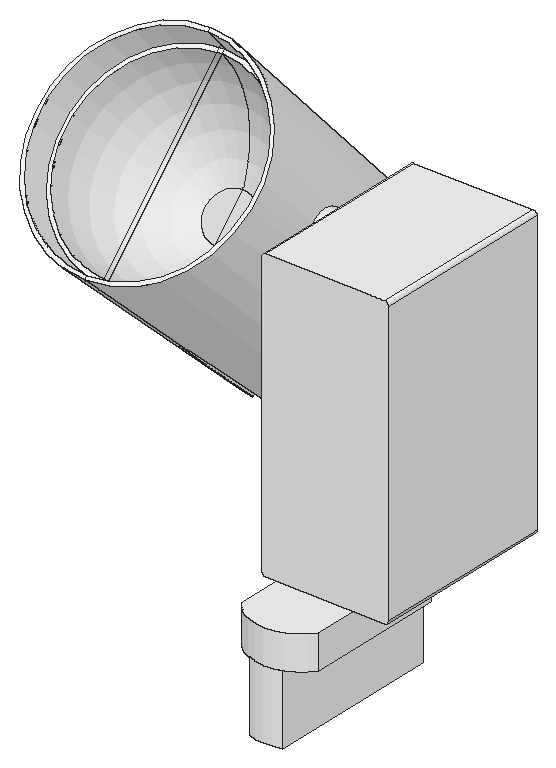
Revit family "0004932 Feilo Sylvania Lighting Fixture START TRACK SPOT S DALI 1352LM 940 WB WHT", category Lighting Fixtures, host Face, Revit 2017
Family settings
  Host = Face
  Round Connector Dimension = Use Diameter
  Part Type = Normal
  OmniClass Number = 23.80.70.00
  OmniClass Title = Lighting
  Cut with Voids When Loaded = No
  Light Source = No
  Shared = No
  Room Calculation Point = No
Parameters (values of type "0004932 START TRACK SPOT S DALI 1352LM 940 WB WHT")
  Weight = "0.94 kg"
  Wattage Comments = ""
  WarrantyStartDate [instance] = "n/a"
  WarrantyGuarantorParts = "n/a"
  WarrantyDurationUnit = "n/a"
  WarrantyDurationParts = "n/a"
  WarrantyDescription = "n/a"
  Voltage = 230 V
  URL = "http://www.sylvania-lighting.com/"
  TypeName = "START TRACK SPOT S DALI 1352LM 940 WB WHT"
  TypeHead_FEILO = Start Track Spot Head : 0004873 START TRACK SPOT S 14W 4K RA90 WB WHITE
  TypeBox_FEILO = Start Track Spot Box : Type Small White
  Type Image = <None>
  Type Comments = "n/a"
  VerticalRotation_FEILO [instance] = 0.00°
  SlideEndAngle_FEILO [instance] = VerticalRotation_FEILO + 180.00°  # 180.00°
  SerialNumber [instance] = "n/a"
  Material_3_FEILO = none
  PowerFactor = 0.92
  PowerConsumption = "14 W"
  NominalLength = 0 mm
  NominalHeight = 200 mm
  NominalDepth = 140 mm
  Name = "START TRACK SPOT S DALI 1352LM 940 WB WHT"
  ModelReference = Name  # "START TRACK SPOT S DALI 1352LM 940 WB WHT"
  ModelNumber = "0004932"
  Model = Name  # "START TRACK SPOT S DALI 1352LM 940 WB WHT"
  Material = "adc12 aluminium housing, polycarbonate diffuser"
  ManufacturerName = "Feilo Sylvania"
  Manufacturer = "Feilo Sylvania"
  LuminousEfficacy = "97 lm/W"
  LuminaireType = ""
  LightOutputRatio = "100"
  LampsType = Lamp  # "LED"
  LampNominalLuminous = "1352 lm"
  LampMacAdamStep = "3"
  LampColourTemperature = "4000 K"
  LampColourRenderingIndex = "90"
  Lamp = "LED"
  Keynote = "16500"
  InstallationDate [instance] = "n/a"
  InputVoltage = "230-240V~"
  InputNominalFrequency = "50/60 Hz"
  IngressProtection = "IP20"
  ImpactProtectionIndex = "IK02"
  IfcExportType = "IfcLightFixtureType"
  IfcExportAs = "IfcLightFixtureType"
  HorizontalRotation_FEILO [instance] = 45.00°
  ExpectedLife = 50000
  ElectricShockClassification = "Class II"
  DurationUnit = "hours"
  DocumentationLiterature = "http://www.sylvania-lighting.com/product/en-int/products/0004873"
  DimmingControlOptions = "Dimmable"
  Material_2_FEILO = none
  Description = "Integrated LED spotlight, Textured White - RAL9016, compact and minimalist design, ideal for retail applications, die-cast aluminium body, passive cooling heatsink. Beam angle: 64°, color temperature: 4000K , total system power: 14W, total fixture output: 1352 lm, LOR: 100%, colour rendering: Ra: 90 typical, LED Chromaticity: 3 step MacAdam ellipse, lifetime: >50000 hours at L70B50, energy class: A++, A+, A, IR/UV free light source without heat radiation, operating voltage: 220-240V / 50-60Hz, drive current: 350mA, electronic driver, non-dimmable, power factor: 0.92, electrical protection: Class II, Global Track 3 Phase adapter suitable for Global trac 3-circuit tracks, ingress protection rating: IP20, suitable for internal environment only, horizontal rotation: 355°, vertical tilt: 90°, dimensions: Ø86x140x200, weight: 0.940kg."
  Default Elevation = 1219.2 mm
  CreatedOn = "04/26/2018"
  CreatedBy = ""
  Cost = 0
  built-in parameter 1114216 [instance] = (empty or 0)
  ClassificationValue = "EF_70_80"
  ClassificationName = "Uniclass2015"
  Material_1_FEILO = Body-Sylvania-StartTrackSpot-White
  BarCode [instance] = "n/a"
  AssetType = "Fixed"
  AssetIdentifier [instance] = "n/a"
  Assembly Code = "D5020200"
  Apparent Load = 14 VA
  Material_4_FEILO = none
Reference planes
  plane 1 "Center (Front/Back)": y = 0
  plane 2: z = 0
  plane 3 "Center (Left/Right)": x = 0
  plane 4: x = 15
  plane 5: x = -15
  plane 6: y = 35
  plane 7: y = -35
  plane 8: z = 13
  plane 9: z = -27
  plane 10: x = 6.5
  plane 11: x = -6.5
  plane 12: y = 27
  plane 13: y = -27
  plane 14: y = 20
Forms (mm)
  Extrusion 1, solid, material "Body-Sylvania-StartTrackSpot-White" <- "Material_1_FEILO"
    sketch origin (0, 0, 0) x (1, 0, 0) y (0, 1, 0)
      loop
        line (-15, 27) -> (-15, -27)
        arc (-15, -27) -> (0, -35) -> (15, -27) r 18.062
        line (15, -27) -> (15, 27)
        arc (15, 27) -> (0, 35) -> (-15, 27) r 18.062
    from 0 to 13
  Extrusion 2, solid, material "Body-Sylvania-StartTrackSpot-White" <- "Material_1_FEILO"
    sketch origin (0, 0, 0) x (1, 0, 0) y (0, 1, 0)
      loop
        arc (6.5, 33.79) -> (0, 35) -> (-6.5, 33.79) r 18.062
        line (-6.5, 33.79) -> (-6.5, -33.79)
        arc (-6.5, -33.79) -> (0, -35) -> (6.5, -33.79) r 18.062
        line (6.5, -33.79) -> (6.5, 33.79)
    from 0 to -27
  Revolve 3, solid, not visible
    sketch origin (1524, 20, 1219.2) x (1, 0, 0) y (0, 0, 1)
      loop
        line (-1524, -1206.2) -> (-1524, -1191.285) -> (-1530.5, -1191.285) -> (-1530.5, -1206.2) -> (-1524, -1206.2)
      axis (-1524, -1191.285) -> (-1524, -1206.2)
    angle from 0 <- "VerticalRotation_FEILO" to 180 <- "SlideEndAngle_FEILO"
Cuts and joins
  joined: Extrusion 1, Extrusion 2
Dimensions and locks
  equal spacing: plane 10, plane 3 "Center (Left/Right)", plane 11
  equal spacing: plane 4, plane 3 "Center (Left/Right)", plane 5
  locked: plane 8 to plane 2 at 13
  locked: plane 8 to plane 9 at 40
  equal spacing: plane 13, plane 1 "Center (Front/Back)", plane 12
  locked: plane 12 to plane 6 at 8
  locked: plane 14 to plane 6 at 15
  locked: Revolve 3 sketch curve to plane 8 at 14.915
  aligned and locked: plane 2 to host face
  aligned and locked: level to host face
  aligned and locked: plane 5 to Extrusion 1 sketch curve  (x2)
  aligned and locked: plane 12 to Extrusion 1 sketch curve
  aligned and locked: plane 13 to Extrusion 1 sketch curve
  aligned and locked: plane 4 to Extrusion 1 sketch curve
  aligned and locked: Extrusion 1 to plane 8
  aligned and locked: Extrusion 1 to level
  aligned and locked: Extrusion 2 sketch curve to Extrusion 1  (x2)
  aligned and locked: Extrusion 2 sketch curve to plane 11
  aligned and locked: plane 10 to Extrusion 2 sketch curve
  aligned and locked: plane 9 to Extrusion 2
  aligned and locked: level to Extrusion 2
  aligned and locked: Revolve 3 sketch curve to plane 3 "Center (Left/Right)"  (x2)
  aligned and locked: plane 11 to Revolve 3 sketch curve
  aligned and locked: Revolve 3 sketch curve to plane 8
Automatic sketch dimensions
  host sketch curve to host sketch curve = 2438.4 mm  (x2)
  Extrusion 1 sketch curve to plane 3 "Center (Left/Right)" = 0 mm  (x2)
  Extrusion 1 sketch curve to plane 13 = 10.062 mm
  plane 12 to Extrusion 1 sketch curve = 10.062 mm
  Revolve 3 sketch curve to plane 3 "Center (Left/Right)" = 0 mm
  plane 9 to Revolve 3 sketch curve = 582.6 mm
  Revolve 3 sketch curve to Revolve 3 sketch curve = 2581.144 mm
Nested families
  nested 1: "Start Track Spot Head" at (-62, 20, 112.529) x (0, 0.7071, 0.7071) z (0, 0.7071, -0.7071), type <- "TypeHead_FEILO", type "0004873 START TRACK SPOT S 14W 4K RA90 WB WHITE"
    with built-in parameter 1114216 (empty or 0)
  nested 2: "Start Track Spot Box" at (8.5, 20, 73) x (-1, 0, 0) z (0, -1, 0), BoxStartAngle_FEILO <- "HorizontalRotation_FEILO", type <- "TypeBox_FEILO", type "Type Small White"
    with BoxStartAngle_FEILO 45.00°, BoxEndAngle_FEILO -135.00°
Connectors
  electrical at (0, 0, 0), driven by "Apparent Load", driven by "PowerFactor", driven by "Voltage"
    settings: index 1, voltage 230 V, apparent load 14 VA, apparent load phase1 0 VA, apparent load phase2 0 VA, apparent load phase3 0 VA, power factor 0.92, load classification "Lighting", number of poles 1, system type 30, power factor state 1, is connector primary yes, connector utility no, sub classification motor no, connector description ""
Definition of nested family "Start Track Spot Head"
  Parameters (values of type "0004811 START TRACK SPOT S 14W 3K RA80 NB WHITE")
    Wattage Comments = "n/a"
    Wattage = 14 W
    built-in parameter 1150110 = 1 (stored number, unit not read)
    URL = "http://www.feilosylvania.com"
    Type Image = (empty or 0)
    Type Comments = "n/a"
    built-in parameter 1114217 = 1 (stored number, unit not read)
    Tilt Angle = -90.00°
    built-in parameter 1150109 = 1 (stored number, unit not read)
    built-in parameter 1150134 = (empty or 0)
    built-in parameter 1150113 = 1 (stored number, unit not read)
    Photometric Web File = "0004811.ies"
    Material_3_FEILO = none
    Model = "START TRACK SPOT S 14W 3K RA80 NB WHITE"
    Manufacturer = "Feilo Sylvania"
    built-in parameter 1150105 = 123.66 (stored number, unit not read)
    Lumens = 1554 lm
    built-in parameter 1150115 = 1 (stored number, unit not read)
    built-in parameter 1150137 = (empty or 0)
    built-in parameter 1150139 = (empty or 0)
    built-in parameter 1150112 = 1 (stored number, unit not read)
    built-in parameter 1150114 = 1 (stored number, unit not read)
    Lamp = "LED"
    Keynote = "16500"
    Material_2_FEILO = none
    built-in parameter 1150132 = (empty or 0)
    built-in parameter 1150102 = (empty or 0)
    built-in parameter 1150107 = 3000 (stored number, unit not read)
    built-in parameter 1150138 = (empty or 0)
    built-in parameter 1150106 = 1.2366 (stored number, unit not read)
    HeadThickness_FEILO = if(HeadDiaOut_FEILO > 112 mm, 2 mm, 1.5 mm)  # 1.5 mm
    HeadRibOffset_FEILO = HeadHeight_FEILO / 28  # 4.179 mm
    HeadRibDepth_FEILO = HeadHeight_FEILO / 2.1  # 55.714 mm
    HeadRibCutWidth_FEILO = HeadDiaOut_FEILO / 12  # 7.167 mm
    HeadRibCutOffset_FEILO = HeadHeight_FEILO / 2.3  # 50.87 mm
    HeadReflectorRadius_FEILO = HeadDiaOut_FEILO / 1.7  # 50.588 mm
    HeadReflectorOffset_FEILO = HeadHeight_FEILO / 2.1  # 55.714 mm
    HeadLEDRadius_FEILO = HeadDiaOut_FEILO / 9  # 9.556 mm
    HeadHeight_FEILO = 117 mm
    HeadDraft_FEILO = 1 mm
    HeadDiffusorThickness_FEILO = 3 mm
    HeadDiffusorOffset_FEILO = HeadHeight_FEILO / 12.4  # 9.435 mm
    HeadDiaOut_FEILO = 86 mm
    HeadDiaIn_FEILO = HeadDiaOut_FEILO / 1.11  # 77.477 mm
    HeadAxisFromTop_FEILO = HeadHeight_FEILO / 1.687  # 69.354 mm
    Emit from Circle Diameter = HeadDiaIn_FEILO  # 77.477 mm
    Emit Shape Visible in Rendering = no
    built-in parameter 1150104 = 10.312 (stored number, unit not read)
    Dimming Lamp Color Temperature Shift = (empty or 0)
    Description = "Integrated LED spotlight, Textured White - RAL9016, compact and minimalist design, ideal for retail applications, die-cast aluminium body, passive cooling heatsink. Beam angle: 12°, color temperature: 3000K , total system power: 14W, total fixture output: 1551 lm, LOR: 100%, colour rendering: Ra: 80 typical, LED Chromaticity: 3 step MacAdam ellipse, lifetime: >50000 hours at L70B50, energy class: A++, A+, A, IR/UV free light source without heat radiation, operating voltage: 220-240V / 50-60Hz, drive current: 350mA, electronic driver, non-dimmable, power factor: 0.92, electrical protection: Class II, Global Track 3 Phase adapter suitable for Global trac 3-circuit tracks, ingress protection rating: IP20, suitable for internal environment only, horizontal rotation: 355°, vertical tilt: 90°, dimensions: Ø86x140x200, weight: 0.940kg."
    Default Elevation = 1219.2 mm
    Cost = 0
    Color Filter = 16777215
    built-in parameter 1114216 [instance] = (empty or 0)
    Material_1_FEILO = none
    built-in parameter 1114218 = 1 (stored number, unit not read)
    built-in parameter 1150133 = 10 (stored number, unit not read)
    Assembly Code = "D5020200"
    Apparent Load = 14 VA
    Material_4_FEILO = none
  Types (96, lengths in mm): name | Wattage | built-in parameter 1150134 | Photometric Web File | Model | built-in parameter 1150105 | Lumens | built-in parameter 1150107 | built-in parameter 1150106 | HeadThickness_FEILO | HeadRibOffset_FEILO | HeadRibDepth_FEILO | HeadRibCutWidth_FEILO | HeadRibCutOffset_FEILO | HeadReflectorRadius_FEILO | HeadReflectorOffset_FEILO | HeadLEDRadius_FEILO | HeadHeight_FEILO | HeadDiffusorOffset_FEILO | HeadDiaOut_FEILO | HeadDiaIn_FEILO | HeadAxisFromTop_FEILO | Emit from Circle Diameter | built-in parameter 1150104 | Description | Apparent Load
    0004906 START TRACK SPOT L 55W 4K RA90 WB BLACK | 55 W | 12 | "0004906.ies" | "START TRACK SPOT L 55W 4K RA90 WB BLACK" | 385.15 (stored number, unit not read) | 4840 lm | 4000 (stored number, unit not read) | 3.8515 (stored number, unit not read) | 2 | 4.429 | 59.048 | 9.417 | 53.913 | 66.471 | 59.048 | 12.556 | 124 | 10 | 113 | 101.802 | 73.503 | 101.802 | 8.1755 (stored number, unit not read) | "Integrated LED spotlight, Textured Black - RAL9005, compact and minimalist design, ideal for retail applications, die-cast aluminium body, passive cooling heatsink. Beam angle: 52°, color temperature: 4000K , total system power: 55W, total fixture output: 4824 lm, LOR: 100%, colour rendering: Ra: 90 typical, LED Chromaticity: 3 step MacAdam ellipse, lifetime: >50000 hours at L70B50, energy class: A++, A+, A, IR/UV free light source without heat radiation, operating voltage: 220-240V / 50-60Hz, drive current: 1400mA, electronic driver, non-dimmable, power factor: 0.96, electrical protection: Class II, Global Track 3 Phase adapter suitable for Global trac 3-circuit tracks, ingress protection rating: IP20, suitable for internal environment only, horizontal rotation: 355°, vertical tilt: 90°, dimensions: Ø113x164x240, weight: 1.398kg." | 55 VA
    0004905 START TRACK SPOT L 55W 4K RA90 MB BLACK | 55 W | 12 | "0004905.ies" | "START TRACK SPOT L 55W 4K RA90 MB BLACK" | 389.53 (stored number, unit not read) | 4895 lm | 4000 (stored number, unit not read) | 3.8953 (stored number, unit not read) | 2 | 4.429 | 59.048 | 9.417 | 53.913 | 66.471 | 59.048 | 12.556 | 124 | 10 | 113 | 101.802 | 73.503 | 101.802 | 8.2684 (stored number, unit not read) | "Integrated LED spotlight, Textured Black - RAL9005, compact and minimalist design, ideal for retail applications, die-cast aluminium body, passive cooling heatsink. Beam angle: 38°, color temperature: 4000K , total system power: 55W, total fixture output: 4897 lm, LOR: 100%, colour rendering: Ra: 90 typical, LED Chromaticity: 3 step MacAdam ellipse, lifetime: >50000 hours at L70B50, energy class: A++, A+, A, IR/UV free light source without heat radiation, operating voltage: 220-240V / 50-60Hz, drive current: 1400mA, electronic driver, non-dimmable, power factor: 0.96, electrical protection: Class II, Global Track 3 Phase adapter suitable for Global trac 3-circuit tracks, ingress protection rating: IP20, suitable for internal environment only, horizontal rotation: 355°, vertical tilt: 90°, dimensions: Ø113x164x240, weight: 1.398kg." | 55 VA
    0004904 START TRACK SPOT L 55W 4K RA90 NB BLACK | 55 W | 12 | "0004904.ies" | "START TRACK SPOT L 55W 4K RA90 NB BLACK" | 393.91 (stored number, unit not read) | 4950 lm | 4000 (stored number, unit not read) | 3.9391 (stored number, unit not read) | 2 | 4.429 | 59.048 | 9.417 | 53.913 | 66.471 | 59.048 | 12.556 | 124 | 10 | 113 | 101.802 | 73.503 | 101.802 | 8.3613 (stored number, unit not read) | "Integrated LED spotlight, Textured Black - RAL9005, compact and minimalist design, ideal for retail applications, die-cast aluminium body, passive cooling heatsink. Beam angle: 15°, color temperature: 4000K , total system power: 55W, total fixture output: 4965 lm, LOR: 100%, colour rendering: Ra: 90 typical, LED Chromaticity: 3 step MacAdam ellipse, lifetime: >50000 hours at L70B50, energy class: A++, A+, A, IR/UV free light source without heat radiation, operating voltage: 220-240V / 50-60Hz, drive current: 1400mA, electronic driver, non-dimmable, power factor: 0.96, electrical protection: Class II, Global Track 3 Phase adapter suitable for Global trac 3-circuit tracks, ingress protection rating: IP20, suitable for internal environment only, horizontal rotation: 355°, vertical tilt: 90°, dimensions: Ø113x164x240, weight: 1.398kg." | 55 VA
    0004903 START TRACK SPOT L 35W 4K RA90 WB BLACK | 35 W | 12 | "0004903.ies" | "START TRACK SPOT L 35W 4K RA90 WB BLACK" | 284.09 (stored number, unit not read) | 3570 lm | 4000 (stored number, unit not read) | 2.8409 (stored number, unit not read) | 2 | 4.429 | 59.048 | 9.417 | 53.913 | 66.471 | 59.048 | 12.556 | 124 | 10 | 113 | 101.802 | 73.503 | 101.802 | 9.4761 (stored number, unit not read) | "Integrated LED spotlight, Textured Black - RAL9005, compact and minimalist design, ideal for retail applications, die-cast aluminium body, passive cooling heatsink. Beam angle: 52°, color temperature: 4000K , total system power: 35W, total fixture output: 3562 lm, LOR: 100%, colour rendering: Ra: 90 typical, LED Chromaticity: 3 step MacAdam ellipse, lifetime: >50000 hours at L70B50, energy class: A++, A+, A, IR/UV free light source without heat radiation, operating voltage: 220-240V / 50-60Hz, drive current: 900mA, electronic driver, non-dimmable, power factor: 0.93, electrical protection: Class II, Global Track 3 Phase adapter suitable for Global trac 3-circuit tracks, ingress protection rating: IP20, suitable for internal environment only, horizontal rotation: 355°, vertical tilt: 90°, dimensions: Ø113x164x240, weight: 1.368kg." | 35 VA
    0004902 START TRACK SPOT L 35W 4K RA90 MB BLACK | 35 W | 12 | "0004902.ies" | "START TRACK SPOT L 35W 4K RA90 MB BLACK" | 286.88 (stored number, unit not read) | 3605 lm | 4000 (stored number, unit not read) | 2.8688 (stored number, unit not read) | 2 | 4.429 | 59.048 | 9.417 | 53.913 | 66.471 | 59.048 | 12.556 | 124 | 10 | 113 | 101.802 | 73.503 | 101.802 | 9.569 (stored number, unit not read) | "Integrated LED spotlight, Textured Black - RAL9005, compact and minimalist design, ideal for retail applications, die-cast aluminium body, passive cooling heatsink. Beam angle: 38°, color temperature: 4000K , total system power: 35W, total fixture output: 3616 lm, LOR: 100%, colour rendering: Ra: 90 typical, LED Chromaticity: 3 step MacAdam ellipse, lifetime: >50000 hours at L70B50, energy class: A++, A+, A, IR/UV free light source without heat radiation, operating voltage: 220-240V / 50-60Hz, drive current: 900mA, electronic driver, non-dimmable, power factor: 0.93, electrical protection: Class II, Global Track 3 Phase adapter suitable for Global trac 3-circuit tracks, ingress protection rating: IP20, suitable for internal environment only, horizontal rotation: 355°, vertical tilt: 90°, dimensions: Ø113x164x240, weight: 1.368kg." | 35 VA
    0004901 START TRACK SPOT L 35W 4K RA90 NB BLACK | 35 W | 12 | "0004901.ies" | "START TRACK SPOT L 35W 4K RA90 NB BLACK" | 286.88 (stored number, unit not read) | 3605 lm | 4000 (stored number, unit not read) | 2.8688 (stored number, unit not read) | 2 | 4.429 | 59.048 | 9.417 | 53.913 | 66.471 | 59.048 | 12.556 | 124 | 10 | 113 | 101.802 | 73.503 | 101.802 | 9.569 (stored number, unit not read) | "Integrated LED spotlight, Textured Black - RAL9005, compact and minimalist design, ideal for retail applications, die-cast aluminium body, passive cooling heatsink. Beam angle: 15°, color temperature: 4000K , total system power: 35W, total fixture output: 3593 lm, LOR: 100%, colour rendering: Ra: 90 typical, LED Chromaticity: 3 step MacAdam ellipse, lifetime: >50000 hours at L70B50, energy class: A++, A+, A, IR/UV free light source without heat radiation, operating voltage: 220-240V / 50-60Hz, drive current: 900mA, electronic driver, non-dimmable, power factor: 0.93, electrical protection: Class II, Global Track 3 Phase adapter suitable for Global trac 3-circuit tracks, ingress protection rating: IP20, suitable for internal environment only, horizontal rotation: 355°, vertical tilt: 90°, dimensions: Ø113x164x240, weight: 1.368kg." | 35 VA
    0004900 START TRACK SPOT S 24W 4K RA90 WB BLACK | 24 W | 12 | "0004900.ies" | "START TRACK SPOT S 24W 4K RA90 WB BLACK" | 166.16 (stored number, unit not read) | 2088 lm | 4000 (stored number, unit not read) | 1.6616 (stored number, unit not read) | 1.5 | 4.179 | 55.714 | 7.167 | 50.87 | 50.588 | 55.714 | 9.556 | 117 | 9.435 | 86 | 77.477 | 69.354 | 77.477 | 8.0826 (stored number, unit not read) | "Integrated LED spotlight, Textured Black - RAL9005, compact and minimalist design, ideal for retail applications, die-cast aluminium body, passive cooling heatsink. Beam angle: 64°, color temperature: 4000K , total system power: 24W, total fixture output: 2087 lm, LOR: 100%, colour rendering: Ra: 90 typical, LED Chromaticity: 3 step MacAdam ellipse, lifetime: >50000 hours at L70B50, energy class: A++, A+, A, IR/UV free light source without heat radiation, operating voltage: 220-240V / 50-60Hz, drive current: 600mA, electronic driver, non-dimmable, power factor: 0.95, electrical protection: Class II, Global Track 3 Phase adapter suitable for Global trac 3-circuit tracks, ingress protection rating: IP20, suitable for internal environment only, horizontal rotation: 355°, vertical tilt: 90°, dimensions: Ø86x140x200, weight: 0.966kg." | 24 VA
    0004899 START TRACK SPOT S 24W 4K RA90 MB BLACK | 24 W | 12 | "0004899.ies" | "START TRACK SPOT S 24W 4K RA90 MB BLACK" | 169.98 (stored number, unit not read) | 2136 lm | 4000 (stored number, unit not read) | 1.6998 (stored number, unit not read) | 1.5 | 4.179 | 55.714 | 7.167 | 50.87 | 50.588 | 55.714 | 9.556 | 117 | 9.435 | 86 | 77.477 | 69.354 | 77.477 | 8.2684 (stored number, unit not read) | "Integrated LED spotlight, Textured Black - RAL9005, compact and minimalist design, ideal for retail applications, die-cast aluminium body, passive cooling heatsink. Beam angle: 36°, color temperature: 4000K , total system power: 24W, total fixture output: 2141 lm, LOR: 100%, colour rendering: Ra: 90 typical, LED Chromaticity: 3 step MacAdam ellipse, lifetime: >50000 hours at L70B50, energy class: A++, A+, A, IR/UV free light source without heat radiation, operating voltage: 220-240V / 50-60Hz, drive current: 600mA, electronic driver, non-dimmable, power factor: 0.95, electrical protection: Class II, Global Track 3 Phase adapter suitable for Global trac 3-circuit tracks, ingress protection rating: IP20, suitable for internal environment only, horizontal rotation: 355°, vertical tilt: 90°, dimensions: Ø86x140x200, weight: 0.966kg." | 24 VA
    0004898 START TRACK SPOT S 24W 4K RA90 NB BLACK | 24 W | 12 | "0004898.ies" | "START TRACK SPOT S 24W 4K RA90 NB BLACK" | 171.89 (stored number, unit not read) | 2160 lm | 4000 (stored number, unit not read) | 1.7189 (stored number, unit not read) | 1.5 | 4.179 | 55.714 | 7.167 | 50.87 | 50.588 | 55.714 | 9.556 | 117 | 9.435 | 86 | 77.477 | 69.354 | 77.477 | 8.3613 (stored number, unit not read) | "Integrated LED spotlight, Textured Black - RAL9005, compact and minimalist design, ideal for retail applications, die-cast aluminium body, passive cooling heatsink. Beam angle: 12°, color temperature: 4000K , total system power: 24W, total fixture output: 2155 lm, LOR: 100%, colour rendering: Ra: 90 typical, LED Chromaticity: 3 step MacAdam ellipse, lifetime: >50000 hours at L70B50, energy class: A++, A+, A, IR/UV free light source without heat radiation, operating voltage: 220-240V / 50-60Hz, drive current: 600mA, electronic driver, non-dimmable, power factor: 0.95, electrical protection: Class II, Global Track 3 Phase adapter suitable for Global trac 3-circuit tracks, ingress protection rating: IP20, suitable for internal environment only, horizontal rotation: 355°, vertical tilt: 90°, dimensions: Ø86x140x200, weight: 0.966kg." | 24 VA
    0004897 START TRACK SPOT S 14W 4K RA90 WB BLACK | 14 W | 12 | "0004897.ies" | "START TRACK SPOT S 14W 4K RA90 WB BLACK" | 108.07 (stored number, unit not read) | 1358 lm | 4000 (stored number, unit not read) | 1.0807 (stored number, unit not read) | 1.5 | 4.179 | 55.714 | 7.167 | 50.87 | 50.588 | 55.714 | 9.556 | 117 | 9.435 | 86 | 77.477 | 69.354 | 77.477 | 9.0116 (stored number, unit not read) | "Integrated LED spotlight, Textured Black - RAL9005, compact and minimalist design, ideal for retail applications, die-cast aluminium body, passive cooling heatsink. Beam angle: 64°, color temperature: 4000K , total system power: 14W, total fixture output: 1352 lm, LOR: 100%, colour rendering: Ra: 90 typical, LED Chromaticity: 3 step MacAdam ellipse, lifetime: >50000 hours at L70B50, energy class: A++, A+, A, IR/UV free light source without heat radiation, operating voltage: 220-240V / 50-60Hz, drive current: 350mA, electronic driver, non-dimmable, power factor: 0.92, electrical protection: Class II, Global Track 3 Phase adapter suitable for Global trac 3-circuit tracks, ingress protection rating: IP20, suitable for internal environment only, horizontal rotation: 355°, vertical tilt: 90°, dimensions: Ø86x140x200, weight: 0.940kg." | 14 VA
    0004896 START TRACK SPOT S 14W 4K RA90 MB BLACK | 14 W | 12 | "0004896.ies" | "START TRACK SPOT S 14W 4K RA90 MB BLACK" | 108.07 (stored number, unit not read) | 1358 lm | 4000 (stored number, unit not read) | 1.0807 (stored number, unit not read) | 1.5 | 4.179 | 55.714 | 7.167 | 50.87 | 50.588 | 55.714 | 9.556 | 117 | 9.435 | 86 | 77.477 | 69.354 | 77.477 | 9.0116 (stored number, unit not read) | "Integrated LED spotlight, Textured Black - RAL9005, compact and minimalist design, ideal for retail applications, die-cast aluminium body, passive cooling heatsink. Beam angle: 36°, color temperature: 4000K , total system power: 14W, total fixture output: 1359 lm, LOR: 100%, colour rendering: Ra: 90 typical, LED Chromaticity: 3 step MacAdam ellipse, lifetime: >50000 hours at L70B50, energy class: A++, A+, A, IR/UV free light source without heat radiation, operating voltage: 220-240V / 50-60Hz, drive current: 350mA, electronic driver, non-dimmable, power factor: 0.92, electrical protection: Class II, Global Track 3 Phase adapter suitable for Global trac 3-circuit tracks, ingress protection rating: IP20, suitable for internal environment only, horizontal rotation: 355°, vertical tilt: 90°, dimensions: Ø86x140x200, weight: 0.940kg." | 14 VA
    0004895 START TRACK SPOT S 14W 4K RA90 NB BLACK | 14 W | 12 | "0004895.ies" | "START TRACK SPOT S 14W 4K RA90 NB BLACK" | 106.95 (stored number, unit not read) | 1344 lm | 4000 (stored number, unit not read) | 1.0695 (stored number, unit not read) | 1.5 | 4.179 | 55.714 | 7.167 | 50.87 | 50.588 | 55.714 | 9.556 | 117 | 9.435 | 86 | 77.477 | 69.354 | 77.477 | 8.9187 (stored number, unit not read) | "Integrated LED spotlight, Textured Black - RAL9005, compact and minimalist design, ideal for retail applications, die-cast aluminium body, passive cooling heatsink. Beam angle: 12°, color temperature: 4000K , total system power: 14W, total fixture output: 1349 lm, LOR: 100%, colour rendering: Ra: 90 typical, LED Chromaticity: 3 step MacAdam ellipse, lifetime: >50000 hours at L70B50, energy class: A++, A+, A, IR/UV free light source without heat radiation, operating voltage: 220-240V / 50-60Hz, drive current: 350mA, electronic driver, non-dimmable, power factor: 0.92, electrical protection: Class II, Global Track 3 Phase adapter suitable for Global trac 3-circuit tracks, ingress protection rating: IP20, suitable for internal environment only, horizontal rotation: 355°, vertical tilt: 90°, dimensions: Ø86x140x200, weight: 0.940kg." | 14 VA
    0004894 START TRACK SPOT L 55W 3K RA90 WB BLACK | 55 W | (empty or 0) | "0004894.ies" | "START TRACK SPOT L 55W 3K RA90 WB BLACK" | 350.14 (stored number, unit not read) | 4400 lm | 3000 (stored number, unit not read) | 3.5014 (stored number, unit not read) | 2 | 4.429 | 59.048 | 9.417 | 53.913 | 66.471 | 59.048 | 12.556 | 124 | 10 | 113 | 101.802 | 73.503 | 101.802 | 7.4322 (stored number, unit not read) | "Integrated LED spotlight, Textured Black - RAL9005, compact and minimalist design, ideal for retail applications, die-cast aluminium body, passive cooling heatsink. Beam angle: 52°, color temperature: 3000K , total system power: 55W, total fixture output: 4405 lm, LOR: 100%, colour rendering: Ra: 90 typical, LED Chromaticity: 3 step MacAdam ellipse, lifetime: >50000 hours at L70B50, energy class: A++, A+, A, IR/UV free light source without heat radiation, operating voltage: 220-240V / 50-60Hz, drive current: 1400mA, electronic driver, non-dimmable, power factor: 0.96, electrical protection: Class II, Global Track 3 Phase adapter suitable for Global trac 3-circuit tracks, ingress protection rating: IP20, suitable for internal environment only, horizontal rotation: 355°, vertical tilt: 90°, dimensions: Ø113x164x240, weight: 1.398kg." | 55 VA
    0004893 START TRACK SPOT L 55W 3K RA90 MB BLACK | 55 W | (empty or 0) | "0004893.ies" | "START TRACK SPOT L 55W 3K RA90 MB BLACK" | 354.52 (stored number, unit not read) | 4455 lm | 3000 (stored number, unit not read) | 3.5452 (stored number, unit not read) | 2 | 4.429 | 59.048 | 9.417 | 53.913 | 66.471 | 59.048 | 12.556 | 124 | 10 | 113 | 101.802 | 73.503 | 101.802 | 7.5251 (stored number, unit not read) | "Integrated LED spotlight, Textured Black - RAL9005, compact and minimalist design, ideal for retail applications, die-cast aluminium body, passive cooling heatsink. Beam angle: 38°, color temperature: 3000K , total system power: 55W, total fixture output: 4448 lm, LOR: 100%, colour rendering: Ra: 90 typical, LED Chromaticity: 3 step MacAdam ellipse, lifetime: >50000 hours at L70B50, energy class: A++, A+, A, IR/UV free light source without heat radiation, operating voltage: 220-240V / 50-60Hz, drive current: 1400mA, electronic driver, non-dimmable, power factor: 0.96, electrical protection: Class II, Global Track 3 Phase adapter suitable for Global trac 3-circuit tracks, ingress protection rating: IP20, suitable for internal environment only, horizontal rotation: 355°, vertical tilt: 90°, dimensions: Ø113x164x240, weight: 1.398kg." | 55 VA
    0004892 START TRACK SPOT L 55W 3K RA90 NB BLACK | 55 W | (empty or 0) | "0004892.ies" | "START TRACK SPOT L 55W 3K RA90 NB BLACK" | 350.14 (stored number, unit not read) | 4400 lm | 3000 (stored number, unit not read) | 3.5014 (stored number, unit not read) | 2 | 4.429 | 59.048 | 9.417 | 53.913 | 66.471 | 59.048 | 12.556 | 124 | 10 | 113 | 101.802 | 73.503 | 101.802 | 7.4322 (stored number, unit not read) | "Integrated LED spotlight, Textured Black - RAL9005, compact and minimalist design, ideal for retail applications, die-cast aluminium body, passive cooling heatsink. Beam angle: 15°, color temperature: 3000K , total system power: 55W, total fixture output: 4416 lm, LOR: 100%, colour rendering: Ra: 90 typical, LED Chromaticity: 3 step MacAdam ellipse, lifetime: >50000 hours at L70B50, energy class: A++, A+, A, IR/UV free light source without heat radiation, operating voltage: 220-240V / 50-60Hz, drive current: 1400mA, electronic driver, non-dimmable, power factor: 0.96, electrical protection: Class II, Global Track 3 Phase adapter suitable for Global trac 3-circuit tracks, ingress protection rating: IP20, suitable for internal environment only, horizontal rotation: 355°, vertical tilt: 90°, dimensions: Ø113x164x240, weight: 1.398kg." | 55 VA
    0004891 START TRACK SPOT L 35W 3K RA90 WB BLACK | 35 W | (empty or 0) | "0004891.ies" | "START TRACK SPOT L 35W 3K RA90 WB BLACK" | 259.02 (stored number, unit not read) | 3255 lm | 3000 (stored number, unit not read) | 2.5902 (stored number, unit not read) | 2 | 4.429 | 59.048 | 9.417 | 53.913 | 66.471 | 59.048 | 12.556 | 124 | 10 | 113 | 101.802 | 73.503 | 101.802 | 8.64 (stored number, unit not read) | "Integrated LED spotlight, Textured Black - RAL9005, compact and minimalist design, ideal for retail applications, die-cast aluminium body, passive cooling heatsink. Beam angle: 52°, color temperature: 3000K , total system power: 35W, total fixture output: 3260 lm, LOR: 100%, colour rendering: Ra: 90 typical, LED Chromaticity: 3 step MacAdam ellipse, lifetime: >50000 hours at L70B50, energy class: A++, A+, A, IR/UV free light source without heat radiation, operating voltage: 220-240V / 50-60Hz, drive current: 900mA, electronic driver, non-dimmable, power factor: 0.93, electrical protection: Class II, Global Track 3 Phase adapter suitable for Global trac 3-circuit tracks, ingress protection rating: IP20, suitable for internal environment only, horizontal rotation: 355°, vertical tilt: 90°, dimensions: Ø113x164x240, weight: 1.368kg." | 35 VA
    0004890 START TRACK SPOT L 35W 3K RA90 MB BLACK | 35 W | (empty or 0) | "0004890.ies" | "START TRACK SPOT L 35W 3K RA90 MB BLACK" | 261.81 (stored number, unit not read) | 3290 lm | 3000 (stored number, unit not read) | 2.6181 (stored number, unit not read) | 2 | 4.429 | 59.048 | 9.417 | 53.913 | 66.471 | 59.048 | 12.556 | 124 | 10 | 113 | 101.802 | 73.503 | 101.802 | 8.7329 (stored number, unit not read) | "Integrated LED spotlight, Textured Black - RAL9005, compact and minimalist design, ideal for retail applications, die-cast aluminium body, passive cooling heatsink. Beam angle: 38°, color temperature: 3000K , total system power: 35W, total fixture output: 3306 lm, LOR: 100%, colour rendering: Ra: 90 typical, LED Chromaticity: 3 step MacAdam ellipse, lifetime: >50000 hours at L70B50, energy class: A++, A+, A, IR/UV free light source without heat radiation, operating voltage: 220-240V / 50-60Hz, drive current: 900mA, electronic driver, non-dimmable, power factor: 0.93, electrical protection: Class II, Global Track 3 Phase adapter suitable for Global trac 3-circuit tracks, ingress protection rating: IP20, suitable for internal environment only, horizontal rotation: 355°, vertical tilt: 90°, dimensions: Ø113x164x240, weight: 1.368kg." | 35 VA
    0004889 START TRACK SPOT L 35W 3K RA90 NB BLACK | 35 W | (empty or 0) | "0004889.ies" | "START TRACK SPOT L 35W 3K RA90 NB BLACK" | 261.81 (stored number, unit not read) | 3290 lm | 3000 (stored number, unit not read) | 2.6181 (stored number, unit not read) | 2 | 4.429 | 59.048 | 9.417 | 53.913 | 66.471 | 59.048 | 12.556 | 124 | 10 | 113 | 101.802 | 73.503 | 101.802 | 8.7329 (stored number, unit not read) | "Integrated LED spotlight, Textured Black - RAL9005, compact and minimalist design, ideal for retail applications, die-cast aluminium body, passive cooling heatsink. Beam angle: 15°, color temperature: 3000K , total system power: 35W, total fixture output: 3287 lm, LOR: 100%, colour rendering: Ra: 90 typical, LED Chromaticity: 3 step MacAdam ellipse, lifetime: >50000 hours at L70B50, energy class: A++, A+, A, IR/UV free light source without heat radiation, operating voltage: 220-240V / 50-60Hz, drive current: 900mA, electronic driver, non-dimmable, power factor: 0.93, electrical protection: Class II, Global Track 3 Phase adapter suitable for Global trac 3-circuit tracks, ingress protection rating: IP20, suitable for internal environment only, horizontal rotation: 355°, vertical tilt: 90°, dimensions: Ø113x164x240, weight: 1.368kg." | 35 VA
    0004888 START TRACK SPOT S 24W 3K RA90 WB BLACK | 24 W | (empty or 0) | "0004888.ies" | "START TRACK SPOT S 24W 3K RA90 WB BLACK" | 152.79 (stored number, unit not read) | 1920 lm | 3000 (stored number, unit not read) | 1.5279 (stored number, unit not read) | 1.5 | 4.179 | 55.714 | 7.167 | 50.87 | 50.588 | 55.714 | 9.556 | 117 | 9.435 | 86 | 77.477 | 69.354 | 77.477 | 7.4322 (stored number, unit not read) | "Integrated LED spotlight, Textured Black - RAL9005, compact and minimalist design, ideal for retail applications, die-cast aluminium body, passive cooling heatsink. Beam angle: 64°, color temperature: 3000K , total system power: 24W, total fixture output: 1928 lm, LOR: 100%, colour rendering: Ra: 90 typical, LED Chromaticity: 3 step MacAdam ellipse, lifetime: >50000 hours at L70B50, energy class: A++, A+, A, IR/UV free light source without heat radiation, operating voltage: 220-240V / 50-60Hz, drive current: 600mA, electronic driver, non-dimmable, power factor: 0.95, electrical protection: Class II, Global Track 3 Phase adapter suitable for Global trac 3-circuit tracks, ingress protection rating: IP20, suitable for internal environment only, horizontal rotation: 355°, vertical tilt: 90°, dimensions: Ø86x140x200, weight: 0.966kg." | 24 VA
    0004887 START TRACK SPOT S 24W 3K RA90 MB BLACK | 24 W | (empty or 0) | "0004887.ies" | "START TRACK SPOT S 24W 3K RA90 MB BLACK" | 154.7 (stored number, unit not read) | 1944 lm | 3000 (stored number, unit not read) | 1.547 (stored number, unit not read) | 1.5 | 4.179 | 55.714 | 7.167 | 50.87 | 50.588 | 55.714 | 9.556 | 117 | 9.435 | 86 | 77.477 | 69.354 | 77.477 | 7.5251 (stored number, unit not read) | "Integrated LED spotlight, Textured Black - RAL9005, compact and minimalist design, ideal for retail applications, die-cast aluminium body, passive cooling heatsink. Beam angle: 36°, color temperature: 3000K , total system power: 24W, total fixture output: 1944 lm, LOR: 100%, colour rendering: Ra: 90 typical, LED Chromaticity: 3 step MacAdam ellipse, lifetime: >50000 hours at L70B50, energy class: A++, A+, A, IR/UV free light source without heat radiation, operating voltage: 220-240V / 50-60Hz, drive current: 600mA, electronic driver, non-dimmable, power factor: 0.95, electrical protection: Class II, Global Track 3 Phase adapter suitable for Global trac 3-circuit tracks, ingress protection rating: IP20, suitable for internal environment only, horizontal rotation: 355°, vertical tilt: 90°, dimensions: Ø86x140x200, weight: 0.966kg." | 24 VA
    0004886 START TRACK SPOT S 24W 3K RA90 NB BLACK | 24 W | (empty or 0) | "0004886.ies" | "START TRACK SPOT S 24W 3K RA90 NB BLACK" | 158.52 (stored number, unit not read) | 1992 lm | 3000 (stored number, unit not read) | 1.5852 (stored number, unit not read) | 1.5 | 4.179 | 55.714 | 7.167 | 50.87 | 50.588 | 55.714 | 9.556 | 117 | 9.435 | 86 | 77.477 | 69.354 | 77.477 | 7.711 (stored number, unit not read) | "Integrated LED spotlight, Textured Black - RAL9005, compact and minimalist design, ideal for retail applications, die-cast aluminium body, passive cooling heatsink. Beam angle: 12°, color temperature: 3000K , total system power: 24W, total fixture output: 1987 lm, LOR: 100%, colour rendering: Ra: 90 typical, LED Chromaticity: 3 step MacAdam ellipse, lifetime: >50000 hours at L70B50, energy class: A++, A+, A, IR/UV free light source without heat radiation, operating voltage: 220-240V / 50-60Hz, drive current: 600mA, electronic driver, non-dimmable, power factor: 0.95, electrical protection: Class II, Global Track 3 Phase adapter suitable for Global trac 3-circuit tracks, ingress protection rating: IP20, suitable for internal environment only, horizontal rotation: 355°, vertical tilt: 90°, dimensions: Ø86x140x200, weight: 0.966kg." | 24 VA
    0004885 START TRACK SPOT S 14W 3K RA90 WB BLACK | 14 W | (empty or 0) | "0004885.ies" | "START TRACK SPOT S 14W 3K RA90 WB BLACK" | 100.27 (stored number, unit not read) | 1260 lm | 3000 (stored number, unit not read) | 1.0027 (stored number, unit not read) | 1.5 | 4.179 | 55.714 | 7.167 | 50.87 | 50.588 | 55.714 | 9.556 | 117 | 9.435 | 86 | 77.477 | 69.354 | 77.477 | 8.3613 (stored number, unit not read) | "Integrated LED spotlight, Textured Black - RAL9005, compact and minimalist design, ideal for retail applications, die-cast aluminium body, passive cooling heatsink. Beam angle: 64°, color temperature: 3000K , total system power: 14W, total fixture output: 1262 lm, LOR: 100%, colour rendering: Ra: 90 typical, LED Chromaticity: 3 step MacAdam ellipse, lifetime: >50000 hours at L70B50, energy class: A++, A+, A, IR/UV free light source without heat radiation, operating voltage: 220-240V / 50-60Hz, drive current: 350mA, electronic driver, non-dimmable, power factor: 0.92, electrical protection: Class II, Global Track 3 Phase adapter suitable for Global trac 3-circuit tracks, ingress protection rating: IP20, suitable for internal environment only, horizontal rotation: 355°, vertical tilt: 90°, dimensions: Ø86x140x200, weight: 0.940kg." | 14 VA
    0004884 START TRACK SPOT S 14W 3K RA90 MB BLACK | 14 W | (empty or 0) | "0004884.ies" | "START TRACK SPOT S 14W 3K RA90 MB BLACK" | 100.27 (stored number, unit not read) | 1260 lm | 3000 (stored number, unit not read) | 1.0027 (stored number, unit not read) | 1.5 | 4.179 | 55.714 | 7.167 | 50.87 | 50.588 | 55.714 | 9.556 | 117 | 9.435 | 86 | 77.477 | 69.354 | 77.477 | 8.3613 (stored number, unit not read) | "Integrated LED spotlight, Textured Black - RAL9005, compact and minimalist design, ideal for retail applications, die-cast aluminium body, passive cooling heatsink. Beam angle: 36°, color temperature: 3000K , total system power: 14W, total fixture output: 1262 lm, LOR: 100%, colour rendering: Ra: 90 typical, LED Chromaticity: 3 step MacAdam ellipse, lifetime: >50000 hours at L70B50, energy class: A++, A+, A, IR/UV free light source without heat radiation, operating voltage: 220-240V / 50-60Hz, drive current: 350mA, electronic driver, non-dimmable, power factor: 0.92, electrical protection: Class II, Global Track 3 Phase adapter suitable for Global trac 3-circuit tracks, ingress protection rating: IP20, suitable for internal environment only, horizontal rotation: 355°, vertical tilt: 90°, dimensions: Ø86x140x200, weight: 0.940kg." | 14 VA
    0004883 START TRACK SPOT S 14W 3K RA90 NB BLACK | 14 W | (empty or 0) | "0004883.ies" | "START TRACK SPOT S 14W 3K RA90 NB BLACK" | 102.5 (stored number, unit not read) | 1288 lm | 3000 (stored number, unit not read) | 1.025 (stored number, unit not read) | 1.5 | 4.179 | 55.714 | 7.167 | 50.87 | 50.588 | 55.714 | 9.556 | 117 | 9.435 | 86 | 77.477 | 69.354 | 77.477 | 8.5471 (stored number, unit not read) | "Integrated LED spotlight, Textured Black - RAL9005, compact and minimalist design, ideal for retail applications, die-cast aluminium body, passive cooling heatsink. Beam angle: 12°, color temperature: 3000K , total system power: 14W, total fixture output: 1284 lm, LOR: 100%, colour rendering: Ra: 90 typical, LED Chromaticity: 3 step MacAdam ellipse, lifetime: >50000 hours at L70B50, energy class: A++, A+, A, IR/UV free light source without heat radiation, operating voltage: 220-240V / 50-60Hz, drive current: 350mA, electronic driver, non-dimmable, power factor: 0.92, electrical protection: Class II, Global Track 3 Phase adapter suitable for Global trac 3-circuit tracks, ingress protection rating: IP20, suitable for internal environment only, horizontal rotation: 355°, vertical tilt: 90°, dimensions: Ø86x140x200, weight: 0.940kg." | 14 VA
    0004882 START TRACK SPOT L 55W 4K RA90 WB WHITE | 55 W | 12 | "0004882.ies" | "START TRACK SPOT L 55W 4K RA90 WB WHITE" | 385.15 (stored number, unit not read) | 4840 lm | 4000 (stored number, unit not read) | 3.8515 (stored number, unit not read) | 2 | 4.429 | 59.048 | 9.417 | 53.913 | 66.471 | 59.048 | 12.556 | 124 | 10 | 113 | 101.802 | 73.503 | 101.802 | 8.1755 (stored number, unit not read) | "Integrated LED spotlight, Textured White - RAL9016, compact and minimalist design, ideal for retail applications, die-cast aluminium body, passive cooling heatsink. Beam angle: 52°, color temperature: 4000K , total system power: 55W, total fixture output: 4824 lm, LOR: 100%, colour rendering: Ra: 90 typical, LED Chromaticity: 3 step MacAdam ellipse, lifetime: >50000 hours at L70B50, energy class: A++, A+, A, IR/UV free light source without heat radiation, operating voltage: 220-240V / 50-60Hz, drive current: 1400mA, electronic driver, non-dimmable, power factor: 0.96, electrical protection: Class II, Global Track 3 Phase adapter suitable for Global trac 3-circuit tracks, ingress protection rating: IP20, suitable for internal environment only, horizontal rotation: 355°, vertical tilt: 90°, dimensions: Ø113x164x240, weight: 1.398kg." | 55 VA
    0004881 START TRACK SPOT L 55W 4K RA90 MB WHITE | 55 W | 12 | "0004881.ies" | "START TRACK SPOT L 55W 4K RA90 MB WHITE" | 389.53 (stored number, unit not read) | 4895 lm | 4000 (stored number, unit not read) | 3.8953 (stored number, unit not read) | 2 | 4.429 | 59.048 | 9.417 | 53.913 | 66.471 | 59.048 | 12.556 | 124 | 10 | 113 | 101.802 | 73.503 | 101.802 | 8.2684 (stored number, unit not read) | "Integrated LED spotlight, Textured White - RAL9016, compact and minimalist design, ideal for retail applications, die-cast aluminium body, passive cooling heatsink. Beam angle: 38°, color temperature: 4000K , total system power: 55W, total fixture output: 4897 lm, LOR: 100%, colour rendering: Ra: 90 typical, LED Chromaticity: 3 step MacAdam ellipse, lifetime: >50000 hours at L70B50, energy class: A++, A+, A, IR/UV free light source without heat radiation, operating voltage: 220-240V / 50-60Hz, drive current: 1400mA, electronic driver, non-dimmable, power factor: 0.96, electrical protection: Class II, Global Track 3 Phase adapter suitable for Global trac 3-circuit tracks, ingress protection rating: IP20, suitable for internal environment only, horizontal rotation: 355°, vertical tilt: 90°, dimensions: Ø113x164x240, weight: 1.398kg." | 55 VA
    0004880 START TRACK SPOT L 55W 4K RA90 NB WHITE | 55 W | 12 | "0004880.ies" | "START TRACK SPOT L 55W 4K RA90 NB WHITE" | 393.91 (stored number, unit not read) | 4950 lm | 4000 (stored number, unit not read) | 3.9391 (stored number, unit not read) | 2 | 4.429 | 59.048 | 9.417 | 53.913 | 66.471 | 59.048 | 12.556 | 124 | 10 | 113 | 101.802 | 73.503 | 101.802 | 8.3613 (stored number, unit not read) | "Integrated LED spotlight, Textured White - RAL9016, compact and minimalist design, ideal for retail applications, die-cast aluminium body, passive cooling heatsink. Beam angle: 15°, color temperature: 4000K , total system power: 55W, total fixture output: 4965 lm, LOR: 100%, colour rendering: Ra: 90 typical, LED Chromaticity: 3 step MacAdam ellipse, lifetime: >50000 hours at L70B50, energy class: A++, A+, A, IR/UV free light source without heat radiation, operating voltage: 220-240V / 50-60Hz, drive current: 1400mA, electronic driver, non-dimmable, power factor: 0.96, electrical protection: Class II, Global Track 3 Phase adapter suitable for Global trac 3-circuit tracks, ingress protection rating: IP20, suitable for internal environment only, horizontal rotation: 355°, vertical tilt: 90°, dimensions: Ø113x164x240, weight: 1.398kg." | 55 VA
    0004879 START TRACK SPOT L 35W 4K RA90 WB WHITE | 35 W | 12 | "0004879.ies" | "START TRACK SPOT L 35W 4K RA90 WB WHITE" | 284.09 (stored number, unit not read) | 3570 lm | 4000 (stored number, unit not read) | 2.8409 (stored number, unit not read) | 2 | 4.429 | 59.048 | 9.417 | 53.913 | 66.471 | 59.048 | 12.556 | 124 | 10 | 113 | 101.802 | 73.503 | 101.802 | 9.4761 (stored number, unit not read) | "Integrated LED spotlight, Textured White - RAL9016, compact and minimalist design, ideal for retail applications, die-cast aluminium body, passive cooling heatsink. Beam angle: 52°, color temperature: 4000K , total system power: 35W, total fixture output: 3562 lm, LOR: 100%, colour rendering: Ra: 90 typical, LED Chromaticity: 3 step MacAdam ellipse, lifetime: >50000 hours at L70B50, energy class: A++, A+, A, IR/UV free light source without heat radiation, operating voltage: 220-240V / 50-60Hz, drive current: 900mA, electronic driver, non-dimmable, power factor: 0.93, electrical protection: Class II, Global Track 3 Phase adapter suitable for Global trac 3-circuit tracks, ingress protection rating: IP20, suitable for internal environment only, horizontal rotation: 355°, vertical tilt: 90°, dimensions: Ø113x164x240, weight: 1.368kg." | 35 VA
    0004878 START TRACK SPOT L 35W 4K RA90 MB WHITE | 35 W | 12 | "0004878.ies" | "START TRACK SPOT L 35W 4K RA90 MB WHITE" | 286.88 (stored number, unit not read) | 3605 lm | 4000 (stored number, unit not read) | 2.8688 (stored number, unit not read) | 2 | 4.429 | 59.048 | 9.417 | 53.913 | 66.471 | 59.048 | 12.556 | 124 | 10 | 113 | 101.802 | 73.503 | 101.802 | 9.569 (stored number, unit not read) | "Integrated LED spotlight, Textured White - RAL9016, compact and minimalist design, ideal for retail applications, die-cast aluminium body, passive cooling heatsink. Beam angle: 38°, color temperature: 4000K , total system power: 35W, total fixture output: 3616 lm, LOR: 100%, colour rendering: Ra: 90 typical, LED Chromaticity: 3 step MacAdam ellipse, lifetime: >50000 hours at L70B50, energy class: A++, A+, A, IR/UV free light source without heat radiation, operating voltage: 220-240V / 50-60Hz, drive current: 900mA, electronic driver, non-dimmable, power factor: 0.93, electrical protection: Class II, Global Track 3 Phase adapter suitable for Global trac 3-circuit tracks, ingress protection rating: IP20, suitable for internal environment only, horizontal rotation: 355°, vertical tilt: 90°, dimensions: Ø113x164x240, weight: 1.368kg." | 35 VA
    0004877 START TRACK SPOT L 35W 4K RA90 NB WHITE | 35 W | 12 | "0004877.ies" | "START TRACK SPOT L 35W 4K RA90 NB WHITE" | 286.88 (stored number, unit not read) | 3605 lm | 4000 (stored number, unit not read) | 2.8688 (stored number, unit not read) | 2 | 4.429 | 59.048 | 9.417 | 53.913 | 66.471 | 59.048 | 12.556 | 124 | 10 | 113 | 101.802 | 73.503 | 101.802 | 9.569 (stored number, unit not read) | "Integrated LED spotlight, Textured White - RAL9016, compact and minimalist design, ideal for retail applications, die-cast aluminium body, passive cooling heatsink. Beam angle: 15°, color temperature: 4000K , total system power: 35W, total fixture output: 3593 lm, LOR: 100%, colour rendering: Ra: 90 typical, LED Chromaticity: 3 step MacAdam ellipse, lifetime: >50000 hours at L70B50, energy class: A++, A+, A, IR/UV free light source without heat radiation, operating voltage: 220-240V / 50-60Hz, drive current: 900mA, electronic driver, non-dimmable, power factor: 0.93, electrical protection: Class II, Global Track 3 Phase adapter suitable for Global trac 3-circuit tracks, ingress protection rating: IP20, suitable for internal environment only, horizontal rotation: 355°, vertical tilt: 90°, dimensions: Ø113x164x240, weight: 1.368kg." | 35 VA
    0004876 START TRACK SPOT S 24W 4K RA90 WB WHITE | 24 W | 12 | "0004876.ies" | "START TRACK SPOT S 24W 4K RA90 WB WHITE" | 166.16 (stored number, unit not read) | 2088 lm | 4000 (stored number, unit not read) | 1.6616 (stored number, unit not read) | 1.5 | 4.179 | 55.714 | 7.167 | 50.87 | 50.588 | 55.714 | 9.556 | 117 | 9.435 | 86 | 77.477 | 69.354 | 77.477 | 8.0826 (stored number, unit not read) | "Integrated LED spotlight, Textured White - RAL9016, compact and minimalist design, ideal for retail applications, die-cast aluminium body, passive cooling heatsink. Beam angle: 64°, color temperature: 4000K , total system power: 24W, total fixture output: 2087 lm, LOR: 100%, colour rendering: Ra: 90 typical, LED Chromaticity: 3 step MacAdam ellipse, lifetime: >50000 hours at L70B50, energy class: A++, A+, A, IR/UV free light source without heat radiation, operating voltage: 220-240V / 50-60Hz, drive current: 600mA, electronic driver, non-dimmable, power factor: 0.95, electrical protection: Class II, Global Track 3 Phase adapter suitable for Global trac 3-circuit tracks, ingress protection rating: IP20, suitable for internal environment only, horizontal rotation: 355°, vertical tilt: 90°, dimensions: Ø86x140x200, weight: 0.966kg." | 24 VA
    0004875 START TRACK SPOT S 24W 4K RA90 MB WHITE | 24 W | 12 | "0004875.ies" | "START TRACK SPOT S 24W 4K RA90 MB WHITE" | 169.98 (stored number, unit not read) | 2136 lm | 4000 (stored number, unit not read) | 1.6998 (stored number, unit not read) | 1.5 | 4.179 | 55.714 | 7.167 | 50.87 | 50.588 | 55.714 | 9.556 | 117 | 9.435 | 86 | 77.477 | 69.354 | 77.477 | 8.2684 (stored number, unit not read) | "Integrated LED spotlight, Textured White - RAL9016, compact and minimalist design, ideal for retail applications, die-cast aluminium body, passive cooling heatsink. Beam angle: 36°, color temperature: 4000K , total system power: 24W, total fixture output: 2141 lm, LOR: 100%, colour rendering: Ra: 90 typical, LED Chromaticity: 3 step MacAdam ellipse, lifetime: >50000 hours at L70B50, energy class: A++, A+, A, IR/UV free light source without heat radiation, operating voltage: 220-240V / 50-60Hz, drive current: 600mA, electronic driver, non-dimmable, power factor: 0.95, electrical protection: Class II, Global Track 3 Phase adapter suitable for Global trac 3-circuit tracks, ingress protection rating: IP20, suitable for internal environment only, horizontal rotation: 355°, vertical tilt: 90°, dimensions: Ø86x140x200, weight: 0.966kg." | 24 VA
    0004874 START TRACK SPOT S 24W 4K RA90 NB WHITE | 24 W | 12 | "0004874.ies" | "START TRACK SPOT S 24W 4K RA90 NB WHITE" | 171.89 (stored number, unit not read) | 2160 lm | 4000 (stored number, unit not read) | 1.7189 (stored number, unit not read) | 1.5 | 4.179 | 55.714 | 7.167 | 50.87 | 50.588 | 55.714 | 9.556 | 117 | 9.435 | 86 | 77.477 | 69.354 | 77.477 | 8.3613 (stored number, unit not read) | "Integrated LED spotlight, Textured White - RAL9016, compact and minimalist design, ideal for retail applications, die-cast aluminium body, passive cooling heatsink. Beam angle: 12°, color temperature: 4000K , total system power: 24W, total fixture output: 2155 lm, LOR: 100%, colour rendering: Ra: 90 typical, LED Chromaticity: 3 step MacAdam ellipse, lifetime: >50000 hours at L70B50, energy class: A++, A+, A, IR/UV free light source without heat radiation, operating voltage: 220-240V / 50-60Hz, drive current: 600mA, electronic driver, non-dimmable, power factor: 0.95, electrical protection: Class II, Global Track 3 Phase adapter suitable for Global trac 3-circuit tracks, ingress protection rating: IP20, suitable for internal environment only, horizontal rotation: 355°, vertical tilt: 90°, dimensions: Ø86x140x200, weight: 0.966kg." | 24 VA
    0004873 START TRACK SPOT S 14W 4K RA90 WB WHITE | 14 W | 12 | "0004873.ies" | "START TRACK SPOT S 14W 4K RA90 WB WHITE" | 108.07 (stored number, unit not read) | 1358 lm | 4000 (stored number, unit not read) | 1.0807 (stored number, unit not read) | 1.5 | 4.179 | 55.714 | 7.167 | 50.87 | 50.588 | 55.714 | 9.556 | 117 | 9.435 | 86 | 77.477 | 69.354 | 77.477 | 9.0116 (stored number, unit not read) | "Integrated LED spotlight, Textured White - RAL9016, compact and minimalist design, ideal for retail applications, die-cast aluminium body, passive cooling heatsink. Beam angle: 64°, color temperature: 4000K , total system power: 14W, total fixture output: 1352 lm, LOR: 100%, colour rendering: Ra: 90 typical, LED Chromaticity: 3 step MacAdam ellipse, lifetime: >50000 hours at L70B50, energy class: A++, A+, A, IR/UV free light source without heat radiation, operating voltage: 220-240V / 50-60Hz, drive current: 350mA, electronic driver, non-dimmable, power factor: 0.92, electrical protection: Class II, Global Track 3 Phase adapter suitable for Global trac 3-circuit tracks, ingress protection rating: IP20, suitable for internal environment only, horizontal rotation: 355°, vertical tilt: 90°, dimensions: Ø86x140x200, weight: 0.940kg." | 14 VA
    0004872 START TRACK SPOT S 14W 4K RA90 MB WHITE | 14 W | 12 | "0004872.ies" | "START TRACK SPOT S 14W 4K RA90 MB WHITE" | 108.07 (stored number, unit not read) | 1358 lm | 4000 (stored number, unit not read) | 1.0807 (stored number, unit not read) | 1.5 | 4.179 | 55.714 | 7.167 | 50.87 | 50.588 | 55.714 | 9.556 | 117 | 9.435 | 86 | 77.477 | 69.354 | 77.477 | 9.0116 (stored number, unit not read) | "Integrated LED spotlight, Textured White - RAL9016, compact and minimalist design, ideal for retail applications, die-cast aluminium body, passive cooling heatsink. Beam angle: 36°, color temperature: 4000K , total system power: 14W, total fixture output: 1359 lm, LOR: 100%, colour rendering: Ra: 90 typical, LED Chromaticity: 3 step MacAdam ellipse, lifetime: >50000 hours at L70B50, energy class: A++, A+, A, IR/UV free light source without heat radiation, operating voltage: 220-240V / 50-60Hz, drive current: 350mA, electronic driver, non-dimmable, power factor: 0.92, electrical protection: Class II, Global Track 3 Phase adapter suitable for Global trac 3-circuit tracks, ingress protection rating: IP20, suitable for internal environment only, horizontal rotation: 355°, vertical tilt: 90°, dimensions: Ø86x140x200, weight: 0.940kg." | 14 VA
    0004871 START TRACK SPOT S 14W 4K RA90 NB WHITE | 14 W | 12 | "0004871.ies" | "START TRACK SPOT S 14W 4K RA90 NB WHITE" | 106.95 (stored number, unit not read) | 1344 lm | 4000 (stored number, unit not read) | 1.0695 (stored number, unit not read) | 1.5 | 4.179 | 55.714 | 7.167 | 50.87 | 50.588 | 55.714 | 9.556 | 117 | 9.435 | 86 | 77.477 | 69.354 | 77.477 | 8.9187 (stored number, unit not read) | "Integrated LED spotlight, Textured White - RAL9016, compact and minimalist design, ideal for retail applications, die-cast aluminium body, passive cooling heatsink. Beam angle: 12°, color temperature: 4000K , total system power: 14W, total fixture output: 1349 lm, LOR: 100%, colour rendering: Ra: 90 typical, LED Chromaticity: 3 step MacAdam ellipse, lifetime: >50000 hours at L70B50, energy class: A++, A+, A, IR/UV free light source without heat radiation, operating voltage: 220-240V / 50-60Hz, drive current: 350mA, electronic driver, non-dimmable, power factor: 0.92, electrical protection: Class II, Global Track 3 Phase adapter suitable for Global trac 3-circuit tracks, ingress protection rating: IP20, suitable for internal environment only, horizontal rotation: 355°, vertical tilt: 90°, dimensions: Ø86x140x200, weight: 0.940kg." | 14 VA
    0004870 START TRACK SPOT L 55W 3K RA90 WB WHITE | 55 W | (empty or 0) | "0004870.ies" | "START TRACK SPOT L 55W 3K RA90 WB WHITE" | 350.14 (stored number, unit not read) | 4400 lm | 3000 (stored number, unit not read) | 3.5014 (stored number, unit not read) | 2 | 4.429 | 59.048 | 9.417 | 53.913 | 66.471 | 59.048 | 12.556 | 124 | 10 | 113 | 101.802 | 73.503 | 101.802 | 7.4322 (stored number, unit not read) | "Integrated LED spotlight, Textured White - RAL9016, compact and minimalist design, ideal for retail applications, die-cast aluminium body, passive cooling heatsink. Beam angle: 52°, color temperature: 3000K , total system power: 55W, total fixture output: 4405 lm, LOR: 100%, colour rendering: Ra: 90 typical, LED Chromaticity: 3 step MacAdam ellipse, lifetime: >50000 hours at L70B50, energy class: A++, A+, A, IR/UV free light source without heat radiation, operating voltage: 220-240V / 50-60Hz, drive current: 1400mA, electronic driver, non-dimmable, power factor: 0.96, electrical protection: Class II, Global Track 3 Phase adapter suitable for Global trac 3-circuit tracks, ingress protection rating: IP20, suitable for internal environment only, horizontal rotation: 355°, vertical tilt: 90°, dimensions: Ø113x164x240, weight: 1.398kg." | 55 VA
    0004869 START TRACK SPOT L 55W 3K RA90 MB WHITE | 55 W | (empty or 0) | "0004869.ies" | "START TRACK SPOT L 55W 3K RA90 MB WHITE" | 354.52 (stored number, unit not read) | 4455 lm | 3000 (stored number, unit not read) | 3.5452 (stored number, unit not read) | 2 | 4.429 | 59.048 | 9.417 | 53.913 | 66.471 | 59.048 | 12.556 | 124 | 10 | 113 | 101.802 | 73.503 | 101.802 | 7.5251 (stored number, unit not read) | "Integrated LED spotlight, Textured White - RAL9016, compact and minimalist design, ideal for retail applications, die-cast aluminium body, passive cooling heatsink. Beam angle: 38°, color temperature: 3000K , total system power: 55W, total fixture output: 4448 lm, LOR: 100%, colour rendering: Ra: 90 typical, LED Chromaticity: 3 step MacAdam ellipse, lifetime: >50000 hours at L70B50, energy class: A++, A+, A, IR/UV free light source without heat radiation, operating voltage: 220-240V / 50-60Hz, drive current: 1400mA, electronic driver, non-dimmable, power factor: 0.96, electrical protection: Class II, Global Track 3 Phase adapter suitable for Global trac 3-circuit tracks, ingress protection rating: IP20, suitable for internal environment only, horizontal rotation: 355°, vertical tilt: 90°, dimensions: Ø113x164x240, weight: 1.398kg." | 55 VA
    0004868 START TRACK SPOT L 55W 3K RA90 NB WHITE | 55 W | (empty or 0) | "0004868.ies" | "START TRACK SPOT L 55W 3K RA90 NB WHITE" | 350.14 (stored number, unit not read) | 4400 lm | 3000 (stored number, unit not read) | 3.5014 (stored number, unit not read) | 2 | 4.429 | 59.048 | 9.417 | 53.913 | 66.471 | 59.048 | 12.556 | 124 | 10 | 113 | 101.802 | 73.503 | 101.802 | 7.4322 (stored number, unit not read) | "Integrated LED spotlight, Textured White - RAL9016, compact and minimalist design, ideal for retail applications, die-cast aluminium body, passive cooling heatsink. Beam angle: 15°, color temperature: 3000K , total system power: 55W, total fixture output: 4416 lm, LOR: 100%, colour rendering: Ra: 90 typical, LED Chromaticity: 3 step MacAdam ellipse, lifetime: >50000 hours at L70B50, energy class: A++, A+, A, IR/UV free light source without heat radiation, operating voltage: 220-240V / 50-60Hz, drive current: 1400mA, electronic driver, non-dimmable, power factor: 0.96, electrical protection: Class II, Global Track 3 Phase adapter suitable for Global trac 3-circuit tracks, ingress protection rating: IP20, suitable for internal environment only, horizontal rotation: 355°, vertical tilt: 90°, dimensions: Ø113x164x240, weight: 1.398kg." | 55 VA
    0004867 START TRACK SPOT L 35W 3K RA90 WB WHITE | 35 W | (empty or 0) | "0004867.ies" | "START TRACK SPOT L 35W 3K RA90 WB WHITE" | 259.02 (stored number, unit not read) | 3255 lm | 3000 (stored number, unit not read) | 2.5902 (stored number, unit not read) | 2 | 4.429 | 59.048 | 9.417 | 53.913 | 66.471 | 59.048 | 12.556 | 124 | 10 | 113 | 101.802 | 73.503 | 101.802 | 8.64 (stored number, unit not read) | "Integrated LED spotlight, Textured White - RAL9016, compact and minimalist design, ideal for retail applications, die-cast aluminium body, passive cooling heatsink. Beam angle: 52°, color temperature: 3000K , total system power: 35W, total fixture output: 3260 lm, LOR: 100%, colour rendering: Ra: 90 typical, LED Chromaticity: 3 step MacAdam ellipse, lifetime: >50000 hours at L70B50, energy class: A++, A+, A, IR/UV free light source without heat radiation, operating voltage: 220-240V / 50-60Hz, drive current: 900mA, electronic driver, non-dimmable, power factor: 0.93, electrical protection: Class II, Global Track 3 Phase adapter suitable for Global trac 3-circuit tracks, ingress protection rating: IP20, suitable for internal environment only, horizontal rotation: 355°, vertical tilt: 90°, dimensions: Ø113x164x240, weight: 1.368kg." | 35 VA
    0004866 START TRACK SPOT L 35W 3K RA90 MB WHITE | 35 W | (empty or 0) | "0004866.ies" | "START TRACK SPOT L 35W 3K RA90 MB WHITE" | 261.81 (stored number, unit not read) | 3290 lm | 3000 (stored number, unit not read) | 2.6181 (stored number, unit not read) | 2 | 4.429 | 59.048 | 9.417 | 53.913 | 66.471 | 59.048 | 12.556 | 124 | 10 | 113 | 101.802 | 73.503 | 101.802 | 8.7329 (stored number, unit not read) | "Integrated LED spotlight, Textured White - RAL9016, compact and minimalist design, ideal for retail applications, die-cast aluminium body, passive cooling heatsink. Beam angle: 38°, color temperature: 3000K , total system power: 35W, total fixture output: 3306 lm, LOR: 100%, colour rendering: Ra: 90 typical, LED Chromaticity: 3 step MacAdam ellipse, lifetime: >50000 hours at L70B50, energy class: A++, A+, A, IR/UV free light source without heat radiation, operating voltage: 220-240V / 50-60Hz, drive current: 900mA, electronic driver, non-dimmable, power factor: 0.93, electrical protection: Class II, Global Track 3 Phase adapter suitable for Global trac 3-circuit tracks, ingress protection rating: IP20, suitable for internal environment only, horizontal rotation: 355°, vertical tilt: 90°, dimensions: Ø113x164x240, weight: 1.368kg." | 35 VA
    0004865 START TRACK SPOT L 35W 3K RA90 NB WHITE | 35 W | (empty or 0) | "0004865.ies" | "START TRACK SPOT L 35W 3K RA90 NB WHITE" | 261.81 (stored number, unit not read) | 3290 lm | 3000 (stored number, unit not read) | 2.6181 (stored number, unit not read) | 2 | 4.429 | 59.048 | 9.417 | 53.913 | 66.471 | 59.048 | 12.556 | 124 | 10 | 113 | 101.802 | 73.503 | 101.802 | 8.7329 (stored number, unit not read) | "Integrated LED spotlight, Textured White - RAL9016, compact and minimalist design, ideal for retail applications, die-cast aluminium body, passive cooling heatsink. Beam angle: 15°, color temperature: 3000K , total system power: 35W, total fixture output: 3287 lm, LOR: 100%, colour rendering: Ra: 90 typical, LED Chromaticity: 3 step MacAdam ellipse, lifetime: >50000 hours at L70B50, energy class: A++, A+, A, IR/UV free light source without heat radiation, operating voltage: 220-240V / 50-60Hz, drive current: 900mA, electronic driver, non-dimmable, power factor: 0.93, electrical protection: Class II, Global Track 3 Phase adapter suitable for Global trac 3-circuit tracks, ingress protection rating: IP20, suitable for internal environment only, horizontal rotation: 355°, vertical tilt: 90°, dimensions: Ø113x164x240, weight: 1.368kg." | 35 VA
